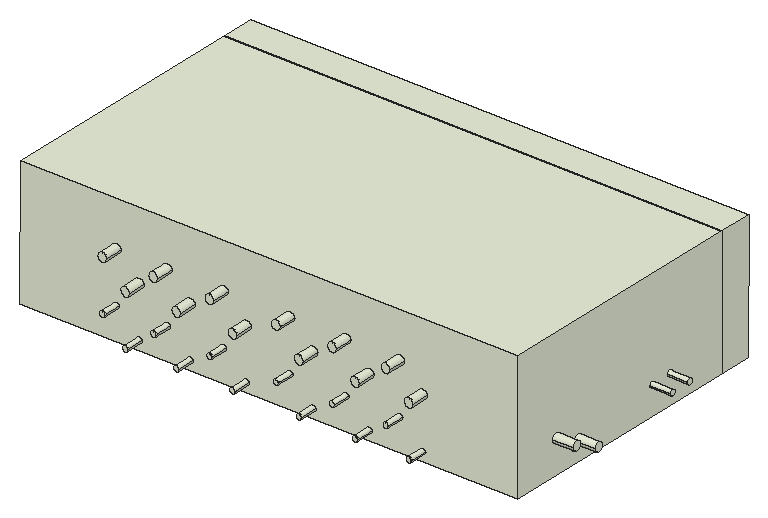
Revit family "Midea_VRF_MS12_E", category Mechanical Equipment, Revit 2013
Parameters (values of type "MS12/N1-D")
  clearance [instance] = no
  Width = 660.000 mm
  URL = ""
  Series = "MS box"
  Power supply = "220-240V 1N~50Hz/60Hz"
  Number of branches = 12
  Net Weight = 54.00 kg
  Model = "MS12/N1-D"
  Minimum Circuit Amps = 1.1 A
  Maximum Fuse Amps = 15 A
  Max. capacity index of connectable indoor units per branch = 16.000 kW
  Max. capacity index of connectable indoor units = 85.000 kW
  Max. No. of connectable indoor units per branch = 5
  Max. No. of connectable indoor units = 47
  Manufacturer = "Midea"
  Machine material = Galvanized Steel
  Low pressure gas pipe to ODU = "∅22.2/∅28.6/∅34.9"
  Liquid pipes to IDU = "∅6.35/∅9.52"
  Liquid pipe  to ODU = "∅12.7/∅15.9/∅19.05/∅22.2"
  Installation = "Indoor installation"
  High pressure gas pipe to ODU = "∅19.05/∅22.2/∅28.6"
  Height = 250.000 mm
  Heating Power Input = 196 W
  Gas pipes to IDU = "∅12.7/∅15.9"
  Gas = "R410A"
  Description = ""
  Depth = 574.000 mm
  Cooling Power Input = 196 W
  Condensation = ""
  Casing color = SB2014
Reference planes
  plane 1: z = 0
  plane 2 "中心(左/右)": x = 0
  plane 3: y = -374.3
  plane 4: x = -487
  plane 5: x = 487
  plane 6: y = -59.3
  plane 7: y = -624.3
  plane 8: z = 250
Forms (mm)
  Extrusion 1, solid, material "Galvanized Steel", detail levels medium+fine
    sketch origin (120, -1462, 378.197) x (0, -1, 0) y (1, 0, 0)
      loop
        line (-837.7, -607) -> (-837.7, 367) -> (-1337.7, 367) -> (-1337.7, -607) -> (-837.7, -607)
    from -378.197 to -128.197
  Extrusion 2, solid, material "Galvanized Steel", detail levels medium+fine
    sketch origin (120, -1109.5, 378.197) x (0, -1, 0) y (1, 0, 0)
      loop
        line (-985.2, -607) -> (-985.2, 367) -> (-1050.2, 367) -> (-1050.2, -607) -> (-985.2, -607)
    from -378.197 to -128.197
  Extrusion 3, solid, material "Galvanized Steel"
    sketch origin (1148, -1524, 0) x (0, 0, 1) y (0, -1, 0)
      loop
        circle (41.271, -1046.168) r 8.5
    from -661 to -619
  Extrusion 4, solid, material "Galvanized Steel"
    sketch origin (1148, -1300.408, 17.041) x (0, 0, 1) y (0, -1, 0)
      loop
        circle (41.271, -1046.168) r 5
    from -661 to -619
  Extrusion 5, solid, material "Galvanized Steel"
    sketch origin (-1148, -1524, 0) x (0, 0, 1) y (0, 1, 0)
      loop
        circle (41.271, 1046.168) r 7
    from -661 to -621
  Extrusion 6, solid, material "Galvanized Steel"
    sketch origin (-1148, -1404, 20) x (0, 0, 1) y (0, 1, 0)
      loop
        circle (41.271, 1046.168) r 5
    from -661 to -619
  Extrusion 7, solid, material "Galvanized Steel"
    sketch origin (-1148, -1469, 0) x (0, 0, 1) y (0, 1, 0)
      loop
        circle (41.271, 1046.168) r 8.5
    from -661 to -619
  Extrusion 8, solid, material "Galvanized Steel"
    sketch origin (70, -624.3, 378.197) x (1, 0, 0) y (0, 0, 1)
      loop
        circle (-268.631, -215.284) r 8.5
    from 0 to 34
  Extrusion 9, solid, material "Galvanized Steel"
    sketch origin (180, -624.3, 378.197) x (1, 0, 0) y (0, 0, 1)
      loop
        circle (-268.631, -215.284) r 8.5
    from 0 to 34
  Extrusion 10, solid, material "Galvanized Steel"
    sketch origin (70, -624.3, 278.197) x (1, 0, 0) y (0, 0, 1)
      loop
        circle (-268.631, -215.284) r 5
    from 0 to 34
  Extrusion 11, solid, material "Galvanized Steel"
    sketch origin (180, -624.3, 278.197) x (1, 0, 0) y (0, 0, 1)
      loop
        circle (-268.631, -215.284) r 5
    from 0 to 34
  Extrusion 12, solid, material "Galvanized Steel"
    sketch origin (115, -624.3, 333.197) x (1, 0, 0) y (0, 0, 1)
      loop
        circle (-268.631, -215.284) r 8.5
    from 0 to 34
  Extrusion 13, solid, material "Galvanized Steel"
    sketch origin (225, -624.3, 333.197) x (1, 0, 0) y (0, 0, 1)
      loop
        circle (-268.631, -215.284) r 8.5
    from 0 to 34
  Extrusion 14, solid, material "Galvanized Steel"
    sketch origin (115, -624.3, 233.197) x (1, 0, 0) y (0, 0, 1)
      loop
        circle (-268.631, -215.284) r 5
    from 0 to 34
  Extrusion 15, solid, material "Galvanized Steel"
    sketch origin (225, -624.3, 233.197) x (1, 0, 0) y (0, 0, 1)
      loop
        circle (-268.631, -215.284) r 5
    from 0 to 34
  Extrusion 16, solid, material "Galvanized Steel"
    sketch origin (1148, -1342.925, 15.845) x (0, 0, 1) y (0, -1, 0)
      loop
        circle (41.271, -1046.168) r 5
    from -661 to -619
  Extrusion 17, solid, material "Galvanized Steel"
    sketch origin (1148, -1577.669, 25.588) x (0, 0, 1) y (0, -1, 0)
      loop
        circle (41.271, -1046.168) r 8.5
    from -661 to -619
  Extrusion 18, solid, material "Galvanized Steel"
    sketch origin (310, -624.3, 378.197) x (1, 0, 0) y (0, 0, 1)
      loop
        circle (-268.631, -215.284) r 8.5
    from 0 to 34
  Extrusion 19, solid, material "Galvanized Steel"
    sketch origin (420, -624.3, 378.197) x (1, 0, 0) y (0, 0, 1)
      loop
        circle (-268.631, -215.284) r 8.5
    from 0 to 34
  Extrusion 20, solid, material "Galvanized Steel"
    sketch origin (310, -624.3, 278.197) x (1, 0, 0) y (0, 0, 1)
      loop
        circle (-268.631, -215.284) r 5
    from 0 to 34
  Extrusion 21, solid, material "Galvanized Steel"
    sketch origin (420, -624.3, 278.197) x (1, 0, 0) y (0, 0, 1)
      loop
        circle (-268.631, -215.284) r 5
    from 0 to 34
  Extrusion 22, solid, material "Galvanized Steel"
    sketch origin (355, -624.3, 333.197) x (1, 0, 0) y (0, 0, 1)
      loop
        circle (-268.631, -215.284) r 8.5
    from 0 to 34
  Extrusion 23, solid, material "Galvanized Steel"
    sketch origin (465, -624.3, 333.197) x (1, 0, 0) y (0, 0, 1)
      loop
        circle (-268.631, -215.284) r 8.5
    from 0 to 34
  Extrusion 24, solid, material "Galvanized Steel"
    sketch origin (355, -624.3, 233.197) x (1, 0, 0) y (0, 0, 1)
      loop
        circle (-268.631, -215.284) r 5
    from 0 to 34
  Extrusion 25, solid, material "Galvanized Steel"
    sketch origin (465, -624.3, 233.197) x (1, 0, 0) y (0, 0, 1)
      loop
        circle (-268.631, -215.284) r 5
    from 0 to 34
  Extrusion 26, solid, material "Galvanized Steel"
    sketch origin (525, -624.3, 378.197) x (1, 0, 0) y (0, 0, 1)
      loop
        circle (-268.631, -215.284) r 8.5
    from 0 to 34
  Extrusion 27, solid, material "Galvanized Steel"
    sketch origin (525, -624.3, 278.197) x (1, 0, 0) y (0, 0, 1)
      loop
        circle (-268.631, -215.284) r 5
    from 0 to 34
  Extrusion 28, solid, material "Galvanized Steel"
    sketch origin (570, -624.3, 333.197) x (1, 0, 0) y (0, 0, 1)
      loop
        circle (-268.631, -215.284) r 8.5
    from 0 to 34
  Extrusion 29, solid, material "Galvanized Steel"
    sketch origin (570, -624.3, 233.197) x (1, 0, 0) y (0, 0, 1)
      loop
        circle (-268.631, -215.284) r 5
    from 0 to 34
  Extrusion 30, solid, material "Galvanized Steel"
    sketch origin (-30, -624.3, 378.197) x (1, 0, 0) y (0, 0, 1)
      loop
        circle (-268.631, -215.284) r 8.5
    from 0 to 34
  Extrusion 31, solid, material "Galvanized Steel"
    sketch origin (-30, -624.3, 278.197) x (1, 0, 0) y (0, 0, 1)
      loop
        circle (-268.631, -215.284) r 5
    from 0 to 34
  Extrusion 32, solid, material "Galvanized Steel"
    sketch origin (15, -624.3, 333.197) x (1, 0, 0) y (0, 0, 1)
      loop
        circle (-268.631, -215.284) r 8.5
    from 0 to 34
  Extrusion 33, solid, material "Galvanized Steel"
    sketch origin (15, -624.3, 233.197) x (1, 0, 0) y (0, 0, 1)
      loop
        circle (-268.631, -215.284) r 5
    from 0 to 34
Lines and regions (mm)
  model lines, not visible
    curve 1: circle (177.54, 182, 460) r 280 normal (0, 1, 0)
    curve 2: circle (177.54, 182, 460) r 240 normal (0, 1, 0)
    curve 3: circle (177.54, 182, 460) r 200 normal (0, 1, 0)
    curve 4: circle (177.54, 182, 460) r 160 normal (0, 1, 0)
    curve 5: circle (177.54, 182, 460) r 120 normal (0, 1, 0)
    curve 6: circle (177.54, 182, 460) r 80 normal (0, 1, 0)
    curve 7: circle (177.54, 182, 460) r 40 normal (0, 1, 0)
    curve 8: arc (177.54, 182, 740) -> (273.688, 182, 600) -> (177.54, 182, 460) r 150
    curve 9: arc (177.54, 182, 460) -> (37.54, 182, 556.148) -> (-102.46, 182, 460) r 150
    curve 10: arc (177.54, 182, 460) -> (81.391, 182, 320) -> (177.54, 182, 180) r 150
    curve 11: arc (177.54, 182, 460) -> (317.54, 182, 363.852) -> (457.54, 182, 460) r 150
    curve 12: line (-151.4, 182, 818) -> (-151.4, 182, 178)
    curve 13: line (448.6, 182, 818) -> (448.6, 182, 178)
    curve 14: line (448.6, 182, 818) -> (-151.4, 182, 818)
    curve 15: line (448.6, 182, 178) -> (-151.4, 182, 178)
    curve 16: circle (148.6, 182, 498) r 280 normal (0, 1, 0)
    curve 17: circle (148.6, 182, 498) r 240 normal (0, 1, 0)
    curve 18: circle (148.6, 182, 498) r 200 normal (0, 1, 0)
    curve 19: circle (148.6, 182, 498) r 160 normal (0, 1, 0)
    curve 20: circle (148.6, 182, 498) r 120 normal (0, 1, 0)
    curve 21: circle (148.6, 182, 498) r 80 normal (0, 1, 0)
    curve 22: circle (148.6, 182, 498) r 40 normal (0, 1, 0)
    curve 23: arc (148.6, 182, 778) -> (244.748, 182, 638) -> (148.6, 182, 498) r 150
    curve 24: arc (148.6, 182, 498) -> (8.6, 182, 594.148) -> (-131.4, 182, 498) r 150
    curve 25: arc (148.6, 182, 498) -> (52.452, 182, 358) -> (148.6, 182, 218) r 150
    curve 26: arc (148.6, 182, 498) -> (288.6, 182, 401.852) -> (428.6, 182, 498) r 150
    curve 27: line (-327.463, 0, 542.426) -> (-398.173, 0, 613.137)
    curve 28: line (-341.605, 0, 528.284) -> (-412.315, 0, 598.995)
    curve 29: arc (-327.463, 0, 542.426) -> (-327.463, 0, 528.284) -> (-341.605, 0, 528.284) r 10
    curve 30: line (-327.463, 0, 602.426) -> (-398.173, 0, 673.137)
    curve 31: line (-341.605, 0, 588.284) -> (-412.315, 0, 658.995)
    curve 32: arc (-327.463, 0, 602.426) -> (-327.463, 0, 588.284) -> (-341.605, 0, 588.284) r 10
    curve 33: line (-327.463, 0, 662.426) -> (-398.173, 0, 733.137)
    curve 34: line (-341.605, 0, 648.284) -> (-412.315, 0, 718.995)
    curve 35: arc (-327.463, 0, 662.426) -> (-327.463, 0, 648.284) -> (-341.605, 0, 648.284) r 10
    curve 36: line (-412.315, 0, 733.137) -> (-468.884, 0, 789.706)
    curve 37: line (-468.884, 0, 789.706) -> (-468.884, 0, 964.3)
    curve 38: line (-327.463, 0, 528.284) -> (-302.714, 0, 503.536)
    curve 39: line (-302.714, 0, 503.536) -> (-302.714, 0, 31.9)
    curve 40: line (-327.463, 0, 542.426) -> (-398.173, 0, 613.137)
    curve 41: line (-341.605, 0, 528.284) -> (-412.315, 0, 598.995)
    curve 42: arc (-398.173, 0, 613.137) -> (-412.315, 0, 613.137) -> (-412.315, 0, 598.995) r 10
    curve 43: arc (-327.463, 0, 542.426) -> (-327.463, 0, 528.284) -> (-341.605, 0, 528.284) r 10
    curve 44: line (-327.463, 0, 602.426) -> (-398.173, 0, 673.137)
    curve 45: line (-341.605, 0, 588.284) -> (-412.315, 0, 658.995)
    curve 46: arc (-398.173, 0, 673.137) -> (-412.315, 0, 673.137) -> (-412.315, 0, 658.995) r 10
    curve 47: arc (-327.463, 0, 602.426) -> (-327.463, 0, 588.284) -> (-341.605, 0, 588.284) r 10
    curve 48: line (-327.463, 0, 662.426) -> (-398.173, 0, 733.137)
    curve 49: line (-341.605, 0, 648.284) -> (-412.315, 0, 718.995)
    curve 50: arc (-398.173, 0, 733.137) -> (-412.315, 0, 733.137) -> (-412.315, 0, 718.995) r 10
    curve 51: arc (-327.463, 0, 662.426) -> (-327.463, 0, 648.284) -> (-341.605, 0, 648.284) r 10
    curve 52: line (-412.315, 0, 733.137) -> (-468.884, 0, 789.706)
    curve 53: line (-468.884, 0, 789.706) -> (-468.884, 0, 964.3)
    curve 54: line (-327.463, 0, 528.284) -> (-302.714, 0, 503.536)
    curve 55: line (-302.714, 0, 503.536) -> (-302.714, 0, 31.9)
  model lines
    curve 56: line (-487, -124.3, 250) -> (487, -124.3, 250)
    curve 57: line (487, -624.3, 250) -> (487, -124.3, 250)
    curve 58: line (-487, -624.3, 250) -> (487, -624.3, 250)
    curve 59: line (-487, -124.3, 250) -> (-487, -624.3, 250)
    curve 60: line (-487, -624.3, 0) -> (487, -624.3, 0)
    curve 61: line (487, -624.3, 0) -> (487, -124.3, 0)
    curve 62: line (-487, -124.3, 0) -> (487, -124.3, 0)
    curve 63: line (-487, -124.3, 0) -> (-487, -624.3, 0)
Dimensions and locks
  aligned and locked: level to plane 1
Nested families
  nested 1: "Beautiful-Dao-Lagou-White" at (487, -239.129, 192) x (0, 1, 0) z (0, 0, 1), type "Dao-Lagou", not visible, detail levels fine
  nested 2: "Beautiful-Dao-Lagou-White" at (487, -557.107, 192) x (0, 1, 0) z (0, 0, 1), type "Dao-Lagou", not visible, detail levels fine
  nested 3: "Beautiful-Dao-Lagou-White" at (-487, -557.107, 192) x (0, 1, 0) z (0, 0, 1), type "Dao-Lagou", not visible, detail levels fine
  nested 4: "Beautiful-Dao-Lagou-White" at (-487, -239.129, 192) x (0, 1, 0) z (0, 0, 1), type "Dao-Lagou", not visible, detail levels fine
  nested 5: "Midea service space" at (-487, -59.3, 0), visible <- "clearance", Height <- "Height", type "Midea Service  Space"
    with Width 974.000 mm, Height 250.000 mm, Depth 400.000 mm
  nested 6: "Midea service space" at (-487, -1324.3, 0), visible <- "clearance", Height <- "Height", type "Midea Service  Space"
    with Width 974.000 mm, Height 250.000 mm, Depth 700.000 mm
  nested 7: "Midea service space" at (487, -624.3, 0), visible <- "clearance", Height <- "Height", type "Midea Service  Space"
    with Width 400.000 mm, Height 250.000 mm, Depth 565.000 mm
  nested 8: "Midea service space" at (-987, -624.3, 0), visible <- "clearance", Height <- "Height", type "Midea Service  Space"
    with Width 500.000 mm, Height 250.000 mm, Depth 565.000 mm
Connectors
  electrical at (487, -91.8, 125)
    settings: on Extrusion 2, index 1, voltage 220 V, apparent load 0 VA, apparent load phase1 0 VA, apparent load phase2 0 VA, apparent load phase3 0 VA, power factor 1, load classification "Other", number of poles 1, system type 30, power factor state 1, is connector primary yes, connector utility no, sub classification motor no, connector description ""
  piping at (529, -254.239, 58.313)
    settings: on Extrusion 4, index 2, connector radius 3.175 mm, flow factor 0, pipe flow 0.0 L/s, pressure drop 0.0 Pa, fitting loss kfactor 0, connector angle 0.00°, fixture units 0, engagement length 0.000 mm, flow configuration 0, flow direction 0, fitting loss method 0, system type 19, joint type 0, gender type 0, connector reference index -1, connector utility 0, adjustable connector no, is connector primary yes, fitting loss table "", connector description "Liquid pipes to IDU"
  piping at (529, -477.832, 41.271)
    settings: on Extrusion 3, index 3, connector radius 6.35 mm, flow factor 0, pipe flow 0.0 L/s, pressure drop 0.0 Pa, fitting loss kfactor 0, connector angle 0.00°, fixture units 0, engagement length 0.000 mm, flow configuration 0, flow direction 0, fitting loss method 0, system type 19, joint type 0, gender type 0, connector reference index -1, connector utility 0, adjustable connector no, is connector primary no, fitting loss table "", connector description "Gas pipes to IDU"
  piping at (-529, -357.832, 61.271)
    settings: on Extrusion 6, index 4, connector radius 4.76 mm, flow factor 0, pipe flow 0.0 L/s, pressure drop 0.0 Pa, fitting loss kfactor 0, connector angle 0.00°, fixture units 0, engagement length 0.000 mm, flow configuration 0, flow direction 0, fitting loss method 0, system type 19, joint type 0, gender type 0, connector reference index -1, connector utility 0, adjustable connector no, is connector primary no, fitting loss table "", connector description "Liquid pipe  to ODU"
  piping at (-529, -422.832, 41.271)
    settings: on Extrusion 7, index 5, connector radius 11.1 mm, flow factor 0, pipe flow 0.0 L/s, pressure drop 0.0 Pa, fitting loss kfactor 0, connector angle 0.00°, fixture units 0, engagement length 0.000 mm, flow configuration 0, flow direction 0, fitting loss method 0, system type 19, joint type 0, gender type 0, connector reference index -1, connector utility 0, adjustable connector no, is connector primary no, fitting loss table "", connector description "Low pressure gas pipe to ODU"
  piping at (-527, -477.832, 41.271)
    settings: on Extrusion 5, index 6, connector radius 9.525 mm, flow factor 0, pipe flow 0.0 L/s, pressure drop 0.0 Pa, fitting loss kfactor 0, connector angle 0.00°, fixture units 0, engagement length 0.000 mm, flow configuration 0, flow direction 0, fitting loss method 0, system type 19, joint type 0, gender type 0, connector reference index -1, connector utility 0, adjustable connector no, is connector primary no, fitting loss table "", connector description "High pressure gas pipe to ODU"
Definition of nested family "Beautiful-Dao-Lagou-White"
  Parameters (values of type "Dao-Lagou")
    Machine material = Midea White
  Reference planes
    plane 1 "Center (Front/Back)": y = 0
    plane 2: z = 0
    plane 3 "Center (Left/Right)": x = 0
  Forms (mm)
    Extrusion 1, solid, material "Midea White" <- "Machine material"
      sketch origin (0, 0, 18) x (0, 1, 0) y (0, 0, 1)
        loop
          line (0, -18) -> (0, 40) -> (-42, 40) -> (-42, 35) -> (-40, 35) -> (-40, 38) -> (-2, 38) -> (-2, -18) -> (0, -18)
      from 0 to 40
    Extrusion 2, void
      sketch origin (0, 0, 0) x (1, 0, 0) y (0, 1, 0)
        loop
          line (14, -30) -> (14, -42) -> (26, -42) -> (26, -30) -> (26, -12)
          arc (26, -12) -> (20, -6) -> (14, -12) r 6
          line (14, -12) -> (14, -30)
      from 53 to 58
  Cuts and joins
    Extrusion 2 cuts Extrusion 1
  Dimensions and locks
    aligned and locked: level to plane 2
Definition of nested family "Midea service space"
  Parameters (values of type "Midea Service  Space")
    Width [instance] = 500.000 mm
    Height [instance] = 500.000 mm
    Depth [instance] = 500.000 mm
  Reference planes
    plane 1 "Center (Front/Back)": y = 0
    plane 2: z = 0
    plane 3 "Center (Left/Right)": x = 0
    plane 4: z = 500
    plane 5: y = 500
    plane 6: x = 500
  Forms (mm)
    Extrusion 1, solid, material "Midea Service Space-HDY"
      sketch origin (0, 0, 0) x (1, 0, 0) y (0, 1, 0)
        loop
          line (0, 500) -> (0, 0) -> (500, 0) -> (500, 500) -> (0, 500)
      from 0 to 500
  Dimensions and locks
    "Width": plane 3 "Center (Left/Right)" to plane 6
    "Depth": plane 5 to plane 1 "Center (Front/Back)"
    "Height": level to plane 4
    aligned and locked: level to plane 2
    aligned and locked: plane 5 to Extrusion 1
    aligned and locked: Extrusion 1 to plane 6
    aligned and locked: Extrusion 1 to plane 3 "Center (Left/Right)"
    aligned and locked: plane 1 "Center (Front/Back)" to Extrusion 1
    aligned and locked: Extrusion 1 to plane 4
  Automatic sketch dimensions
    Extrusion 1 sketch curve to plane 3 "Center (Left/Right)" = 0.000 mm
    plane 1 "Center (Front/Back)" to Extrusion 1 sketch curve = 0.000 mm
    Extrusion 1 sketch curve to plane 6 = 0.000 mm
    Extrusion 1 sketch curve to plane 5 = 0.000 mm
